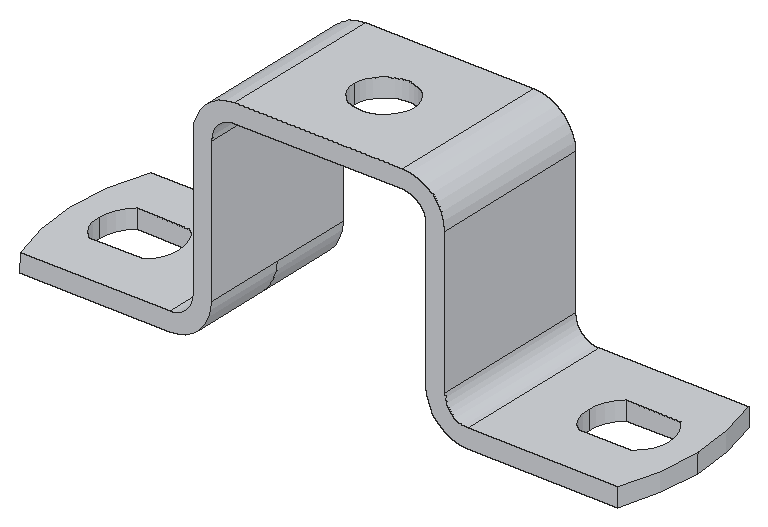
Revit family "Hutprofil 45-45, VA", category HLS-Bauteile, Revit 2017
Family settings
  Bemaßung runder Anschluss = Durchmesser verwenden
  Teiletyp = Normal
  Arbeitsebenenbasiert = Ja
  Immer vertikal = Nein
  Beim Laden mit Abzugskörper schneiden = Nein
  Gemeinsam genutzt = Ja
  Raumberechnungspunkt = Nein
Parameters (values of type "Hutprofil 45-45, V4A")
  max. zul. Last = 3.50 kN
  Default Elevation = 1219.2 mm
  Stärke Material = 4 mm
  Regelhalter [instance] = ""
  Profiltyp = "45/45"
  Materialname = "V4A"
  Material = "Edelstahl"
  Länge Innen = "46 mm"
  Länge = 134 mm
  Lochdurchmesser = "13 mm"
  Lochabstand = "105 mm"
  Langloch = ""
  Kurztext2 = "Höhe 45 mm Langloch"
  Kurztext1 = "Hutprofil C-Profil 45/45"
  Höhe = "45 mm"
  H = 45 mm
  Gewicht pro Bauteil = Gewicht  # 0.229 kg
  Gewicht = 0.229 kg
  Firma = "MEFA Befestigungs- und Montagesysteme GmbH"
  Fabrikat = "MEFA"
  Breite Material = "35 mm"
  Artikelnummer = "0481626"
  Anschlusslochung = "13 mm"
Reference planes
  plane 1 "Mitte (Vorne/hinten)": y = 0
  plane 2: z = 0
  plane 3 "Mitte (Links/rechts)": x = 0
  plane 4: x = 67.3
  plane 5: x = -67.3
  plane 6: x = 23
  plane 7: x = -23
  plane 8: z = 45
  plane 9: x = -17.3
  plane 10: x = -52.55
  plane 11: x = 52.55
  plane 12: y = 6.5
Forms (mm)
  Sweep 1, solid
    path origin (0, 0, 0) x (1, 0, 0) y (0, 0, 1)
      loop
        line (77.3, 0) -> (67.3, 0) -> (32, 0)
        arc (32, 0) -> (25.636, 2.636) -> (23, 9) r 9
        line (23, 9) -> (23, 40)
        arc (23, 40) -> (21.536, 43.536) -> (18, 45) r 5
        line (18, 45) -> (-18, 45)
        arc (-18, 45) -> (-21.536, 43.536) -> (-23, 40) r 5
        line (-23, 40) -> (-23, 9)
        arc (-23, 9) -> (-25.636, 2.636) -> (-32, 0) r 9
        line (-32, 0) -> (-67.3, 0) -> (-77.3, 0)
    profile origin (49.65, 0, 0) x (0, 0, -1) y (0, -1, 0)
      loop
        line (0, 0) -> (0, 17.5) -> (-4, 17.5) -> (-4, -17.5) -> (0, -17.5) -> (0, 0)
  Extrusion 2, void
    sketch origin (0, 0, 0) x (1, 0, 0) y (0, 1, 0)
      loop
        arc (-67.3, 0) -> (-66.503, 8.892) -> (-64.137, 17.5) r 50
        line (-64.137, 17.5) -> (-77.3, 17.5) -> (-77.3, -17.5) -> (-64.137, -17.5)
        arc (-64.137, -17.5) -> (-66.503, -8.892) -> (-67.3, 0) r 50
      loop
        arc (67.3, 0) -> (66.503, -8.892) -> (64.137, -17.5) r 50
        line (64.137, -17.5) -> (77.3, -17.5) -> (77.3, 17.5) -> (64.137, 17.5)
        arc (64.137, 17.5) -> (66.503, 8.892) -> (67.3, 0) r 50
    from 0 to 4
  Extrusion 3, void
    sketch origin (0, 0, 0) x (1, 0, 0) y (0, 1, 0)
      loop
        circle (0, 0) r 6.5
    from 0 to 250
  Extrusion 4, void
    sketch origin (0, 0, 0) x (1, 0, 0) y (0, 1, 0)
      loop
        arc (-61.3, 0) -> (-60.544, -3.557) -> (-58.408, -6.5) r 8.75
        line (-58.408, -6.5) -> (-46.692, -6.5)
        arc (-46.692, -6.5) -> (-44.556, -3.557) -> (-43.8, 0) r 8.75
        arc (-43.8, 0) -> (-44.556, 3.557) -> (-46.692, 6.5) r 8.75
        line (-46.692, 6.5) -> (-58.408, 6.5)
        arc (-58.408, 6.5) -> (-60.544, 3.557) -> (-61.3, 0) r 8.75
      loop
        arc (61.3, 0) -> (60.544, 3.557) -> (58.408, 6.5) r 8.75
        line (58.408, 6.5) -> (46.692, 6.5)
        arc (46.692, 6.5) -> (44.556, 3.557) -> (43.8, 0) r 8.75
        arc (43.8, 0) -> (44.556, -3.557) -> (46.692, -6.5) r 8.75
        line (46.692, -6.5) -> (58.408, -6.5)
        arc (58.408, -6.5) -> (60.544, -3.557) -> (61.3, 0) r 8.75
    from 0 to 4
Cuts and joins
  Extrusion 2, Extrusion 3, Extrusion 4 cuts Sweep 1
Lines and regions (mm)
  model lines, not visible
    curve 1: line (52.55, 0, 58.037) -> (52.55, 0, -40)
    curve 2: line (-52.55, 0, 58.037) -> (-52.55, 0, -40)
    curve 3: line (0, 0, 86.327) -> (0, 0, 11.327)
    curve 4: line (-52.55, 12.895, 0) -> (-52.55, -13.152, 0)
    curve 5: line (52.55, 12.895, 0) -> (52.55, -13.152, 0)
    curve 6: line (-62.004, 0, 0) -> (-42.004, 0, 0)
    curve 7: line (41.918, 0, 0) -> (61.918, 0, 0)
Dimensions and locks
  "H": level to plane 8
  equal spacing: plane 7, plane 3 "Mitte (Links/rechts)", plane 6, locked at 23 each
  locked: plane 7 to plane 6 at 46
  equal spacing: plane 5, plane 3 "Mitte (Links/rechts)", plane 4, locked at 67.3 each
  locked: plane 5 to plane 4 at 134.6
  Sweep 1 sketch curve to Sweep 1 sketch curve = 35 mm
  Sweep 1 sketch curve to Sweep 1 sketch curve = 4 mm
  diameter of Extrusion 3 sketch curve = 13 mm
  aligned and locked: level to plane 2
  aligned and locked: Sweep 1 sketch curve to level  (x2)
  aligned and locked: plane 6 to Sweep 1 sketch curve
  aligned and locked: plane 7 to Sweep 1 sketch curve
  aligned and locked: Sweep 1 sketch curve to plane 8
  aligned and locked: curve 1 to plane 11
  aligned and locked: plane 10 to curve 2
  aligned and locked: plane 3 "Mitte (Links/rechts)" to curve 3
  aligned and locked: curve 2 to plane 1 "Mitte (Vorne/hinten)"
  aligned and locked: curve 3 to plane 1 "Mitte (Vorne/hinten)"
  aligned and locked: curve 1 to plane 1 "Mitte (Vorne/hinten)"
  aligned and locked: plane 1 "Mitte (Vorne/hinten)" to curve 6
  aligned and locked: curve 4 to plane 10
  aligned and locked: plane 11 to curve 5
  aligned and locked: plane 1 "Mitte (Vorne/hinten)" to curve 7
Automatic sketch dimensions
  Sweep 1 sketch curve to plane 1 "Mitte (Vorne/hinten)" = 0 mm
  Sweep 1 sketch curve to profile plane = 0 mm
  plane 1 "Mitte (Vorne/hinten)" to Sweep 1 sketch curve = 17.5 mm
  Sweep 1 sketch curve to plane 5 = 0 mm
  plane 4 to Sweep 1 sketch curve = 0 mm
  Sweep 1 sketch curve to Sweep 1 sketch curve = 9 mm  (x2)
  Sweep 1 sketch curve to plane 9 = 0.7 mm
  plane 6 to Sweep 1 sketch curve = 5 mm
  Sweep 1 sketch curve to Sweep 1 sketch curve = 10 mm  (x2)
  Extrusion 2 sketch curve to Extrusion 2 sketch curve = 0 mm  (x4)
  plane 1 "Mitte (Vorne/hinten)" to Extrusion 2 sketch curve = 0 mm  (x2)
  Extrusion 2 sketch curve to plane 5 = 0 mm
  Extrusion 2 sketch curve to plane 9 = 0 mm
  Extrusion 2 sketch curve to plane 4 = 0 mm
  Extrusion 2 sketch curve to plane 5 = 10 mm
  plane 5 to Extrusion 2 sketch curve = 3.163 mm  (x2)
  plane 6 to Extrusion 2 sketch curve = 5.7 mm
  plane 4 to Extrusion 2 sketch curve = 3.163 mm  (x2)
  Extrusion 2 sketch curve to plane 4 = 10 mm
  plane 1 "Mitte (Vorne/hinten)" to Extrusion 3 sketch curve = 0 mm
  Extrusion 3 sketch curve to plane 3 "Mitte (Links/rechts)" = 0 mm
  Extrusion 4 sketch curve to Extrusion 4 sketch curve = 0 mm  (x24)
  plane 1 "Mitte (Vorne/hinten)" to Extrusion 4 sketch curve = 0 mm  (x2)
  Extrusion 4 sketch curve to plane 12 = 0 mm  (x2)
  Extrusion 4 sketch curve to plane 10 = 0 mm
  Extrusion 4 sketch curve to plane 11 = 0 mm
  Extrusion 4 sketch curve to plane 10 = 5.858 mm  (x2)
  plane 10 to Extrusion 4 sketch curve = 5.858 mm
  plane 11 to Extrusion 4 sketch curve = 5.858 mm  (x2)
  Extrusion 4 sketch curve to plane 11 = 5.858 mm
  plane 5 to curve 6 = 5.296 mm
  curve 4 to curve 6 = 10.546 mm
  plane 11 to curve 7 = 10.632 mm
  plane 4 to curve 7 = 5.382 mm
  plane 1 "Mitte (Vorne/hinten)" to curve 5 = 13.152 mm
  curve 4 to curve 6 = 13.152 mm
  plane 12 to curve 5 = 6.395 mm
  plane 12 to curve 4 = 6.395 mm
  curve 1 to level = 40 mm
  curve 2 to level = 40 mm
  level to curve 3 = 11.327 mm
  level to curve 2 = 58.037 mm
  level to curve 1 = 58.037 mm
  plane 8 to curve 3 = 41.327 mm
